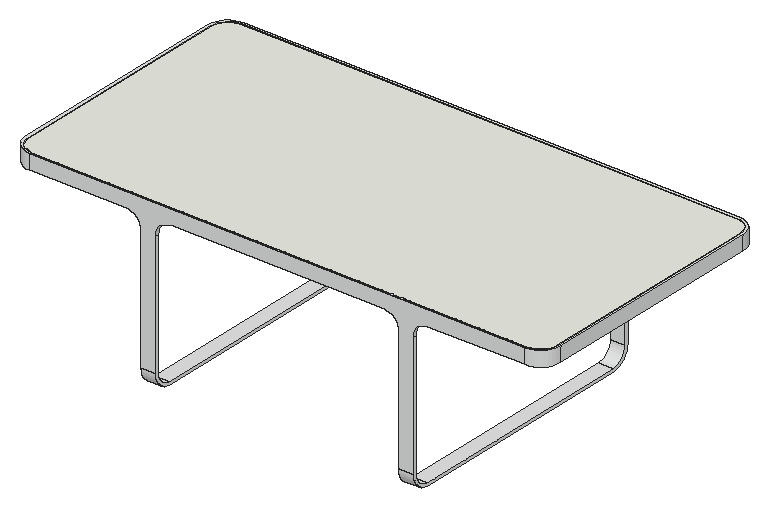
Revit family "Furniture-Table-Casual-Naughtone-Trace_Table_Small", category Furniture, Revit 2014
Parameters (values of type "TRA-CT")
  WarrantyStartDate = ""
  WarrantyGuarantorParts = "sales@naughtone.com"  # constant formula
  WarrantyGuarantorLabour = "sales@naughtone.com"  # constant formula
  WarrantyDuration = 60
  Uniclass = "Pr_40_50_21_58"  # constant formula
  URL = "http://www.naughtone.com"
  TypeName = "1100mmx550mmx350mm, Trace Table Small"
  Type Comments = "Trace Table Small"  # constant formula
  TagNumber = 0
  Table Legs = 285 mm
  SerialNumber = 0
  Product URL = "http://www.naughtone.com/portfolio-view/trace-small"  # constant formula
  Product Code = "TRA-CT"
  Option = ""
  Name = "Furniture-Table-Casual-Naughtone-Trace_Table_Small"  # constant formula
  Model = "Trace Coffee Table"
  Material Table Base [instance] = Metal-Silver-Brushed
  Material Table [instance] = Laminate-White-Smooth
  Manufacturer = "Naughtone"
  Length = 1100 mm
  InstallationDate = ""
  Height = 350 mm
  Features = ""
  Extidentifier = ""
  Description = "Trace Coffee Table"
  Depth = 550 mm
  Current Revision = 1  # constant formula
  Created On = "11.08.2014"  # constant formula
  Created By = "www.bimbox.co.uk"  # constant formula
  Cost = 0
  Contact Telephone Number = "+44 1423 816500"  # constant formula
  Contact Email Address = "sales@naughtone.com"
  COBie Description = "Designed by InTheDetail, The trace table range is simply a modern classic that speaks for itself. Suffice to say, the immaculate hand made steel frame and repetition of shapes make trace an exquisitely balanced form."  # constant formula
  Barcode = 0
  Author = "BIMBox"  # constant formula
  AssetIdentifier = "TRA-CT"
Types (4, lengths in mm): name | TypeName | Table Legs | Product Code | Model | Material Table Base | Length | Height | Description | Depth | AssetIdentifier
  (no name) | "1100mmx550mmx350mm, Trace Table Small" | 285 | "TRA-CT" | "Trace Coffee Table" | Metal-Silver-Brushed | 1100 | 350 | "Trace Coffee Table" | 550 | "TRA-CT"
  TRA-SQ | "850mmx850mmx250mm, Trace Table Small" | 165 | "TRA-SQ" | "Trace Square Coffee Table" | Vinyl-Yellow-Smooth | 850 | 250 | "Trace Square Coffee Table" | 850 | "TRA-SQ"
  TRA-CT | "1100mmx550mmx350mm, Trace Table Small" | 285 | "TRA-CT" | "Trace Coffee Table" | Metal-Silver-Brushed | 1100 | 350 | "Trace Coffee Table" | 550 | "TRA-CT"
  TRA-ST | "450mmx300mmx450mm, Trace Table Small" | 80 | "TRA-ST" | "Trace Side Table" | Metal-Silver-Brushed | 450 | 450 | "Trace Side Table" | 300 | "TRA-ST"
Reference planes
  plane 1 "Center (Front/Back)": y = 0
  plane 2: z = 0
  plane 3 "Center (Left/Right)": x = 0
  plane 4: z = 350
  plane 5: y = -275
  plane 6: y = 275
  plane 7: x = 550
  plane 8: x = -550
  plane 9: x = 265
  plane 10: x = -265
Forms (mm)
  Extrusion 1, solid, material "Metal-Silver-Brushed" <- "Material Table Base"
    sketch origin (0, 0, 0) x (1, 0, 0) y (0, 1, 0)
      loop
        line (-550, 234) -> (-550, -234)
        arc (-550, -234) -> (-537.991, -262.991) -> (-509, -275) r 41
        line (-509, -275) -> (509, -275)
        arc (509, -275) -> (537.991, -262.991) -> (550, -234) r 41
        line (550, -234) -> (550, 234)
        arc (550, 234) -> (537.991, 262.991) -> (509, 275) r 41
        line (509, 275) -> (-509, 275)
        arc (-509, 275) -> (-537.991, 262.991) -> (-550, 234) r 41
    from 72.156 to 350
  Extrusion 2, void
    sketch origin (0, 0, 0) x (1, 0, 0) y (0, 0, 1)
      loop
        line (-280, -53.865) -> (-280, 290)
        arc (-280, 290) -> (-288.787, 311.213) -> (-310, 320) r 30
        line (-310, 320) -> (-550, 320) -> (-550, -53.865) -> (-280, -53.865)
      loop
        line (280, 290) -> (280, -40) -> (550, -40) -> (550, 320) -> (310, 320)
        arc (310, 320) -> (288.787, 311.213) -> (280, 290) r 30
      loop
        line (220, 320) -> (-220, 320)
        arc (-220, 320) -> (-241.213, 311.213) -> (-250, 290) r 30
        line (-250, 290) -> (-250, -53.865) -> (250, -53.865) -> (250, 290)
        arc (250, 290) -> (241.213, 311.213) -> (220, 320) r 30
    from -275 to 275
  Extrusion 3, void
    sketch origin (0, 0, 0) x (1, 0, 0) y (0, 1, 0)
      loop
        line (509, 269) -> (-509, 269)
        arc (-509, 269) -> (-533.749, 258.749) -> (-544, 234) r 35
        line (-544, 234) -> (-544, -234)
        arc (-544, -234) -> (-533.749, -258.749) -> (-509, -269) r 35
        line (-509, -269) -> (509, -269)
        arc (509, -269) -> (533.749, -258.749) -> (544, -234) r 35
        line (544, -234) -> (544, 234)
        arc (544, 234) -> (533.749, 258.749) -> (509, 269) r 35
    from -23.97 to 350
  Extrusion 4, solid
    sketch origin (0, 0, 0) x (1, 0, 0) y (0, 1, 0)
      loop
        arc (-509, 269) -> (-533.749, 258.749) -> (-544, 234) r 35
        line (-544, 234) -> (-544, -234)
        arc (-544, -234) -> (-533.749, -258.749) -> (-509, -269) r 35
        line (-509, -269) -> (509, -269)
        arc (509, -269) -> (533.749, -258.749) -> (544, -234) r 35
        line (544, -234) -> (544, 234)
        arc (544, 234) -> (533.749, 258.749) -> (509, 269) r 35
        line (509, 269) -> (-509, 269)
      loop
        line (509, 264) -> (-509, 264)
        arc (-509, 264) -> (-530.213, 255.213) -> (-539, 234) r 30
        line (-539, 234) -> (-539, -234)
        arc (-539, -234) -> (-530.213, -255.213) -> (-509, -264) r 30
        line (-509, -264) -> (509, -264)
        arc (509, -264) -> (530.213, -255.213) -> (539, -234) r 30
        line (539, -234) -> (539, 234)
        arc (539, 234) -> (530.213, 255.213) -> (509, 264) r 30
    from 330 to 340
  Extrusion 5, solid, material "Laminate-White-Smooth" <- "Material Table"
    sketch origin (0, 0, 0) x (1, 0, 0) y (0, 1, 0)
      loop
        line (509, 269) -> (-509, 269)
        arc (-509, 269) -> (-533.749, 258.749) -> (-544, 234) r 35
        line (-544, 234) -> (-544, -234)
        arc (-544, -234) -> (-533.749, -258.749) -> (-509, -269) r 35
        line (-509, -269) -> (509, -269)
        arc (509, -269) -> (533.749, -258.749) -> (544, -234) r 35
        line (544, -234) -> (544, 234)
        arc (544, 234) -> (533.749, 258.749) -> (509, 269) r 35
    from 340 to 350
  Extrusion 6, solid, material "Metal-Silver-Brushed" <- "Material Table Base"
    sketch origin (0, 0, 0) x (0, 1, 0) y (0, 0, 1)
      loop
        line (-269, 36) -> (-269, 72.156) -> (-275, 72.156) -> (-275, 36)
        arc (-275, 36) -> (-264.456, 10.544) -> (-239, 0) r 36
        line (-239, 0) -> (239, 0)
        arc (239, 0) -> (264.456, 10.544) -> (275, 36) r 36
        line (275, 36) -> (275, 72.156) -> (269, 72.156) -> (269, 36)
        arc (269, 36) -> (260.213, 14.787) -> (239, 6) r 30
        line (239, 6) -> (-239, 6)
        arc (-239, 6) -> (-260.213, 14.787) -> (-269, 36) r 30
    from -280 to 280
Cuts and joins
  Extrusion 2, Extrusion 3 cuts Extrusion 1
  Extrusion 2 cuts Extrusion 6
  joined: Extrusion 1, Extrusion 6
Dimensions and locks
  "Height": plane 4 to level
  locked: Extrusion 5 to Extrusion 5 at 10
  locked: Extrusion 4 to Extrusion 5 at 10
  equal spacing: plane 6, plane 1 "Center (Front/Back)", plane 5
  "Depth": plane 6 to plane 5
  locked: plane 6 to Extrusion 3 sketch curve at 6
  locked: Extrusion 3 sketch curve to plane 5 at 6
  locked: plane 6 to Extrusion 5 sketch curve at 6
  locked: Extrusion 5 sketch curve to plane 5 at 6
  locked: plane 6 to Extrusion 4 sketch curve at 6
  locked: Extrusion 5 to Extrusion 4 sketch curve at 5
  locked: Extrusion 4 sketch curve to plane 5 at 6
  locked: Extrusion 4 sketch curve to Extrusion 4 sketch curve at 5  (x3)
  equal spacing: plane 8, plane 3 "Center (Left/Right)", plane 7
  "Length": plane 8 to plane 7
  locked: Extrusion 3 sketch curve to plane 7 at 6
  locked: plane 8 to Extrusion 3 sketch curve at 6
  locked: plane 8 to Extrusion 4 sketch curve at 6
  locked: Extrusion 4 sketch curve to plane 7 at 6
  locked: Extrusion 5 sketch curve to plane 7 at 6
  locked: plane 8 to Extrusion 5 sketch curve at 6
  "Table Legs": plane 9 to plane 7
  Extrusion 2 sketch curve to plane 9 to Extrusion 2 sketch curve = 15 mm locked, 15 mm locked
  "Table Legs": plane 8 to plane 10
  Extrusion 2 sketch curve to plane 10 to Extrusion 2 sketch curve = 15 mm locked, 15 mm locked
  aligned and locked: level to plane 2
  aligned and locked: plane 4 to Extrusion 5
  aligned and locked: Extrusion 4 to Extrusion 5
  aligned and locked: plane 4 to Extrusion 1
  aligned and locked: plane 4 to Extrusion 3
  aligned and locked: Extrusion 1 to plane 5
  aligned and locked: Extrusion 1 sketch curve to plane 6
  aligned and locked: plane 5 to Extrusion 1 sketch curve
  aligned and locked: Extrusion 2 to Extrusion 1  (x3)
  aligned and locked: Extrusion 1 to Extrusion 2
  aligned and locked: plane 7 to Extrusion 1 sketch curve
  aligned and locked: plane 8 to Extrusion 1 sketch curve
  aligned and locked: Extrusion 6 to Extrusion 2  (x2)
Automatic sketch dimensions
  Extrusion 1 sketch curve to Extrusion 1 sketch curve = 41 mm  (x3)
  Extrusion 3 sketch curve to Extrusion 3 sketch curve = 35 mm  (x4)
  plane 5 to Extrusion 1 sketch curve = 41 mm
  Extrusion 5 sketch curve to Extrusion 5 sketch curve = 35 mm  (x3)
  Extrusion 5 sketch curve to plane 8 = 41 mm
  Extrusion 4 sketch curve to plane 8 = 41 mm  (x2)
  Extrusion 4 sketch curve to Extrusion 4 sketch curve = 0 mm  (x4)
  Extrusion 4 sketch curve to Extrusion 4 sketch curve = 30 mm
  plane 7 to Extrusion 4 sketch curve = 41 mm
  plane 8 to Extrusion 2 sketch curve = 0 mm
  plane 7 to Extrusion 2 sketch curve = 0 mm
  Extrusion 2 sketch curve to Extrusion 2 sketch curve = 30 mm  (x4)
  Extrusion 2 sketch curve to Extrusion 2 sketch curve = 0 mm  (x2)
  Extrusion 2 sketch curve to level = 40 mm
  Extrusion 2 sketch curve to level = 53.865 mm
  Extrusion 2 sketch curve to Extrusion 2 sketch curve = 13.865 mm
  Extrusion 2 sketch curve to plane 4 = 30 mm
  Extrusion 6 sketch curve to plane 5 = 0 mm
  Extrusion 6 sketch curve to level = 0 mm  (x2)
  Extrusion 6 sketch curve to plane 6 = 0 mm
  plane 5 to Extrusion 6 sketch curve = 6 mm  (x2)
  plane 5 to Extrusion 6 sketch curve = 36 mm
  Extrusion 6 sketch curve to Extrusion 6 sketch curve = 0 mm  (x5)
  Extrusion 6 sketch curve to plane 6 = 36 mm
  Extrusion 6 sketch curve to plane 6 = 6 mm
  level to Extrusion 6 sketch curve = 6 mm
  Extrusion 6 sketch curve to Extrusion 6 sketch curve = 36.156 mm  (x2)
